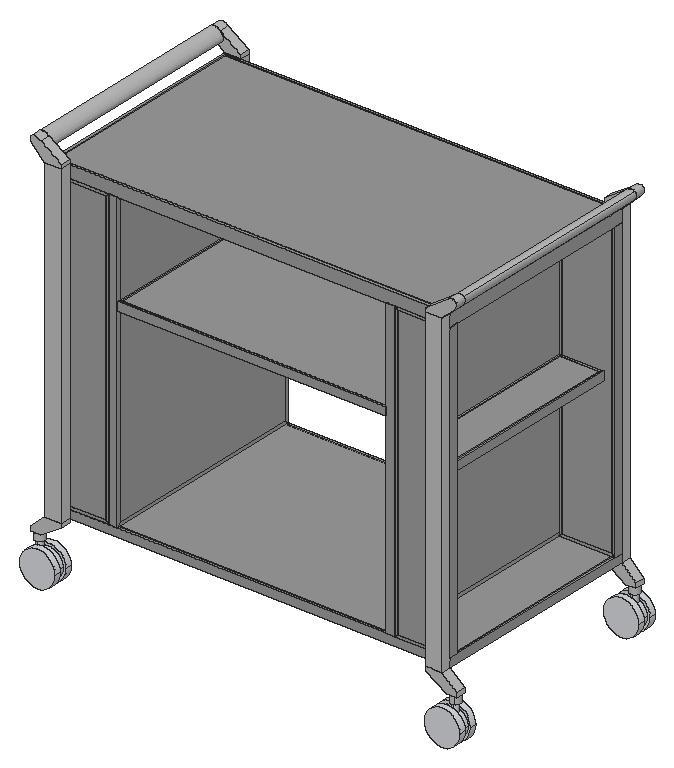
Revit family "Haworth_Planes_CartCatering_AP_PRELIMINARY", category Furniture Systems, Revit 2019
Family settings
  Round Connector Dimension = Use Diameter
  Part Type = Normal
  OmniClass Number = 23.40.70.14.64.21.14
  OmniClass Title = Free-Standing Component
  Work Plane-Based = No
  Always vertical = Yes
  Cut with Voids When Loaded = No
  Shared = No
  Room Calculation Point = No
Parameters (values of type "Cart - Catering")
  Warranty = "http://www.haworth.com/resources/product-info/warranties"
  URL - Product = "https://www.haworth.com/ap/en/products/accessories/planes.html"
  Size = "Verify Final Dim. w/Haworth"  # constant formula
  Reivision = "1"  # constant formula
  URL = "https://www.haworth.com/ap/en.html"
  Model = "WOPLCBC"  # constant formula
  Manufacturer = "Haworth"  # constant formula
  Description = "Haworth - Planes - Cart - Catering"  # constant formula
  Caster Finish = Haworth _ Paint _ Metallic Champagne
  Glides = not(Casters)  # no
  Casters = yes
  Cart Top Finish [instance] = Haworth _ Laminate _ Undecided _ Storage
  Cart Leg Finish [instance] = Haworth _ Paint _ Metallic Champagne
  Cart Edge Finish [instance] = Haworth _ Laminate _ Undecided _ Storage
  Author = "Haworth (Hampton, Abd Rahman)"  # constant formula
  Assembly Code = "E2020200"
Reference planes
  plane 1 "Center F/B": y = 0
  plane 2: z = 0
  plane 3 "Center L/R": x = 0
  plane 4 "Top": y = 241.3
  plane 5: y = 0
  plane 6 "Left": x = -447.675
  plane 7: x = 0
  plane 8 "Right": x = 447.675
  plane 9 "Bottom": y = -241.3
  plane 10: x = -441.325
  plane 11: x = 441.325
  plane 12: y = 241.3
  plane 13: y = -234.95
  plane 14: x = -303.53
  plane 15: x = 303.53
  plane 16: y = 222.25
  plane 17: y = -222.25
  plane 18: x = -322.58
Forms (mm)
  Extrusion 1, solid, material "Haworth _ Laminate _ Undecided _ Storage" <- "Cart Top Finish"
    sketch origin (-447.675, -241.3, 0) x (1, 0, 0) y (0, 1, 0)
      loop
        line (6.35, 6.35) -> (889, 6.35) -> (889, 482.6) -> (6.35, 482.6) -> (6.35, 6.35)
    from 142.875 to 161.925
  Extrusion 2, solid, material "Haworth _ Laminate _ Undecided _ Storage" <- "Cart Edge Finish"
    sketch origin (0, 0, 0) x (1, 0, 0) y (0, 1, 0)
      loop
        line (-447.675, 241.3) -> (-441.325, 234.95) -> (441.325, 234.95) -> (447.675, 241.3) -> (-447.675, 241.3)
    from 142.875 to 161.925
  Extrusion 3, solid, material "Haworth _ Laminate _ Undecided _ Storage" <- "Cart Edge Finish"
    sketch origin (-206.375, -200.025, 0) x (0, 1, 0) y (-1, 0, 0)
      loop
        line (-34.925, 241.3) -> (-28.575, 234.95) -> (434.975, 234.95) -> (441.325, 241.3) -> (-34.925, 241.3)
    from 142.875 to 161.925
  Extrusion 4, solid, material "Haworth _ Laminate _ Undecided _ Storage" <- "Cart Edge Finish"
    sketch origin (0, 0, 0) x (1, 0, 0) y (0, 1, 0)
      loop
        line (-447.675, -241.3) -> (447.675, -241.3) -> (441.325, -234.95) -> (-441.325, -234.95) -> (-447.675, -241.3)
    from 142.875 to 161.925
  Extrusion 5, solid, material "Haworth _ Laminate _ Undecided _ Storage" <- "Cart Edge Finish"
    sketch origin (206.375, -206.375, 0) x (0, 1, 0) y (-1, 0, 0)
      loop
        line (-34.925, -241.3) -> (447.675, -241.3) -> (441.325, -234.95) -> (-28.575, -234.95) -> (-34.925, -241.3)
    from 142.875 to 161.925
  Extrusion 6, solid, material "Haworth _ Laminate _ Undecided _ Storage" <- "Cart Top Finish"
    sketch origin (-447.675, -241.3, 0) x (1, 0, 0) y (0, 1, 0)
      loop
        line (6.35, 6.35) -> (889, 6.35) -> (889, 476.25) -> (6.35, 476.25) -> (6.35, 6.35)
    from 830.163 to 858.54
  Extrusion 7, solid, material "Haworth _ Laminate _ Undecided _ Storage" <- "Cart Edge Finish"
    sketch origin (0, 0, 0) x (1, 0, 0) y (0, 1, 0)
      loop
        line (-447.675, 241.3) -> (-441.325, 234.95) -> (441.325, 234.95) -> (447.675, 241.3) -> (-447.675, 241.3)
    from 830.163 to 858.54
  Extrusion 8, solid, material "Haworth _ Laminate _ Undecided _ Storage" <- "Cart Edge Finish"
    sketch origin (-206.375, -206.375, 0) x (0, 1, 0) y (-1, 0, 0)
      loop
        line (-34.925, 241.3) -> (-28.575, 234.95) -> (441.325, 234.95) -> (447.675, 241.3) -> (-34.925, 241.3)
    from 830.163 to 858.54
  Extrusion 9, solid, material "Haworth _ Laminate _ Undecided _ Storage" <- "Cart Edge Finish"
    sketch origin (0, 0, 0) x (1, 0, 0) y (0, 1, 0)
      loop
        line (-447.675, -241.3) -> (447.675, -241.3) -> (441.325, -234.95) -> (-441.325, -234.95) -> (-447.675, -241.3)
    from 830.163 to 858.54
  Extrusion 10, solid, material "Haworth _ Laminate _ Undecided _ Storage" <- "Cart Edge Finish"
    sketch origin (206.375, -206.375, 0) x (0, 1, 0) y (-1, 0, 0)
      loop
        line (-34.925, -241.3) -> (447.675, -241.3) -> (441.325, -234.95) -> (-28.575, -234.95) -> (-34.925, -241.3)
    from 830.163 to 858.54
  Extrusion 11, solid, material "Haworth _ Laminate _ Undecided _ Storage" <- "Cart Top Finish"
    sketch origin (-160.655, -241.3, -65.187) x (0, 0, 1) y (0, 1, 0)
      loop
        line (233.462, 6.35) -> (889, 6.35) -> (889, 476.25) -> (233.462, 476.25) -> (233.462, 6.35)
    from 142.875 to 161.925
  Extrusion 12, solid, material "Haworth _ Laminate _ Undecided _ Storage" <- "Cart Edge Finish"
    sketch origin (-160.655, 0, 382.488) x (0, 0, 1) y (0, 1, 0)
      loop
        line (-220.563, 241.3) -> (-214.213, 234.95) -> (441.325, 234.95) -> (447.675, 241.3) -> (-220.563, 241.3)
    from 142.875 to 161.925
  Extrusion 13, solid, material "Haworth _ Laminate _ Undecided _ Storage" <- "Cart Edge Finish"
    sketch origin (-160.655, 0, 382.488) x (0, 0, 1) y (0, 1, 0)
      loop
        line (-220.563, -241.3) -> (447.675, -241.3) -> (441.325, -234.95) -> (-214.213, -234.95) -> (-220.563, -241.3)
    from 142.875 to 161.925
  Extrusion 14, solid, material "Haworth _ Laminate _ Undecided _ Storage" <- "Cart Edge Finish"
    sketch origin (-160.655, -206.375, 588.863) x (0, 1, 0) y (0, 0, -1)
      loop
        line (-34.925, -241.3) -> (447.675, -241.3) -> (441.325, -234.95) -> (-28.575, -234.95) -> (-34.925, -241.3)
    from 142.875 to 161.925
  Extrusion 15, solid, material "Haworth _ Laminate _ Undecided _ Storage" <- "Cart Edge Finish"
    sketch origin (-465.455, 206.375, 403.225) x (0, -1, 0) y (0, 0, -1)
      loop
        line (-34.925, 241.3) -> (-28.575, 234.95) -> (441.325, 234.95) -> (447.675, 241.3) -> (-34.925, 241.3)
    from 142.875 to 161.925
  Extrusion 16, solid, material "Haworth _ Laminate _ Undecided _ Storage" <- "Cart Top Finish"
    sketch origin (465.455, -241.3, -65.187) x (0, 0, 1) y (0, 1, 0)
      loop
        line (233.462, 6.35) -> (889, 6.35) -> (889, 476.25) -> (233.462, 476.25) -> (233.462, 6.35)
    from 142.875 to 161.925
  Extrusion 17, solid, material "Haworth _ Laminate _ Undecided _ Storage" <- "Cart Edge Finish"
    sketch origin (465.455, 0, 382.488) x (0, 0, 1) y (0, 1, 0)
      loop
        line (-220.563, 241.3) -> (-214.213, 234.95) -> (441.325, 234.95) -> (447.675, 241.3) -> (-220.563, 241.3)
    from 142.875 to 161.925
  Extrusion 18, solid, material "Haworth _ Laminate _ Undecided _ Storage" <- "Cart Edge Finish"
    sketch origin (465.455, 0, 382.488) x (0, 0, 1) y (0, 1, 0)
      loop
        line (-220.563, -241.3) -> (447.675, -241.3) -> (441.325, -234.95) -> (-214.213, -234.95) -> (-220.563, -241.3)
    from 142.875 to 161.925
  Extrusion 19, solid, material "Haworth _ Laminate _ Undecided _ Storage" <- "Cart Edge Finish"
    sketch origin (465.455, -206.375, 588.863) x (0, 1, 0) y (0, 0, -1)
      loop
        line (-34.925, -241.3) -> (447.675, -241.3) -> (441.325, -234.95) -> (-28.575, -234.95) -> (-34.925, -241.3)
    from 142.875 to 161.925
  Extrusion 20, solid, material "Haworth _ Laminate _ Undecided _ Storage" <- "Cart Edge Finish"
    sketch origin (160.655, 206.375, 403.225) x (0, -1, 0) y (0, 0, -1)
      loop
        line (-34.925, 241.3) -> (-28.575, 234.95) -> (441.325, 234.95) -> (447.675, 241.3) -> (-34.925, 241.3)
    from 142.875 to 161.925
  Extrusion 21, solid, material "Haworth _ Laminate _ Undecided _ Storage" <- "Cart Top Finish"
    sketch origin (-447.675, -241.3, 0) x (1, 0, 0) y (0, 1, 0)
      loop
        line (150.495, 6.35) -> (744.855, 6.35) -> (744.855, 476.25) -> (150.495, 476.25) -> (150.495, 6.35)
    from 600.075 to 619.125
  Extrusion 22, solid, material "Haworth _ Laminate _ Undecided _ Storage" <- "Cart Edge Finish"
    sketch origin (0, 0, 0) x (1, 0, 0) y (0, 1, 0)
      loop
        line (-303.53, 241.3) -> (-297.18, 234.95) -> (297.18, 234.95) -> (303.53, 241.3) -> (-303.53, 241.3)
    from 600.075 to 619.125
  Extrusion 23, solid, material "Haworth _ Laminate _ Undecided _ Storage" <- "Cart Edge Finish"
    sketch origin (-62.23, -206.375, 0) x (0, 1, 0) y (-1, 0, 0)
      loop
        line (-34.925, 241.3) -> (-28.575, 234.95) -> (441.325, 234.95) -> (447.675, 241.3) -> (-34.925, 241.3)
    from 600.075 to 619.125
  Extrusion 24, solid, material "Haworth _ Laminate _ Undecided _ Storage" <- "Cart Edge Finish"
    sketch origin (0, 0, 0) x (1, 0, 0) y (0, 1, 0)
      loop
        line (-303.53, -241.3) -> (303.53, -241.3) -> (297.18, -234.95) -> (-297.18, -234.95) -> (-303.53, -241.3)
    from 600.075 to 619.125
  Extrusion 25, solid, material "Haworth _ Laminate _ Undecided _ Storage" <- "Cart Edge Finish"
    sketch origin (62.23, -206.375, 0) x (0, 1, 0) y (-1, 0, 0)
      loop
        line (-34.925, -241.3) -> (447.675, -241.3) -> (441.325, -234.95) -> (-28.575, -234.95) -> (-34.925, -241.3)
    from 600.075 to 619.125
  Extrusion 26, solid, material "Haworth _ Laminate _ Undecided _ Storage" <- "Cart Top Finish"
    sketch origin (178.435, -241.3, -60.325) x (1, 0, 0) y (0, 1, 0)
      loop
        line (150.495, 25.38) -> (239.391, 25.38) -> (239.391, 457.2) -> (150.495, 457.2) -> (150.495, 25.38)
    from 571.5 to 590.55
  Extrusion 27, solid, material "Haworth _ Laminate _ Undecided _ Storage" <- "Cart Edge Finish"
    sketch origin (626.11, -19.05, -60.325) x (1, 0, 0) y (0, 1, 0)
      loop
        line (-303.53, 241.3) -> (-297.18, 234.95) -> (-208.284, 234.95) -> (-201.934, 241.3) -> (-303.53, 241.3)
    from 571.5 to 590.55
  Extrusion 28, solid, material "Haworth _ Laminate _ Undecided _ Storage" <- "Cart Edge Finish"
    sketch origin (563.88, -206.375, -60.325) x (0, 1, 0) y (-1, 0, 0)
      loop
        line (-15.969, 241.3) -> (-9.619, 234.95) -> (422.275, 234.95) -> (428.625, 241.3) -> (-15.969, 241.3)
    from 571.5 to 590.55
  Extrusion 29, solid, material "Haworth _ Laminate _ Undecided _ Storage" <- "Cart Edge Finish"
    sketch origin (626.11, 19.05, -60.325) x (1, 0, 0) y (0, 1, 0)
      loop
        line (-303.53, -241.3) -> (-201.934, -241.3) -> (-208.284, -234.95) -> (-297.18, -234.95) -> (-303.53, -241.3)
    from 571.5 to 590.55
  Extrusion 30, solid, material "Haworth _ Laminate _ Undecided _ Storage" <- "Cart Edge Finish"
    sketch origin (182.876, -206.375, -60.325) x (0, 1, 0) y (-1, 0, 0)
      loop
        line (-15.813, -241.3) -> (428.625, -241.3) -> (422.275, -234.95) -> (-9.463, -234.95) -> (-15.813, -241.3)
    from 571.5 to 590.55
  Extrusion 31, solid, material "Haworth _ Laminate _ Undecided _ Storage" <- "Cart Top Finish"
    sketch origin (-178.435, -241.3, -60.325) x (-1, 0, 0) y (0, -1, 0)
      loop
        line (150.495, -25.38) -> (150.495, -457.2) -> (239.391, -457.2) -> (239.391, -25.38) -> (150.495, -25.38)
    from 571.5 to 590.55
  Extrusion 32, solid, material "Haworth _ Laminate _ Undecided _ Storage" <- "Cart Edge Finish"
    sketch origin (-626.11, -19.05, -60.325) x (-1, 0, 0) y (0, -1, 0)
      loop
        line (-303.53, -241.3) -> (-201.934, -241.3) -> (-208.284, -234.95) -> (-297.18, -234.95) -> (-303.53, -241.3)
    from 571.5 to 590.55
  Extrusion 33, solid, material "Haworth _ Laminate _ Undecided _ Storage" <- "Cart Edge Finish"
    sketch origin (-563.88, -206.375, -60.325) x (0, 1, 0) y (-1, 0, 0)
      loop
        line (-15.969, -241.3) -> (428.625, -241.3) -> (422.275, -234.95) -> (-9.619, -234.95) -> (-15.969, -241.3)
    from 571.5 to 590.55
  Extrusion 34, solid, material "Haworth _ Laminate _ Undecided _ Storage" <- "Cart Edge Finish"
    sketch origin (-626.11, 19.05, -60.325) x (-1, 0, 0) y (0, -1, 0)
      loop
        line (-303.53, 241.3) -> (-297.18, 234.95) -> (-208.284, 234.95) -> (-201.934, 241.3) -> (-303.53, 241.3)
    from 571.5 to 590.55
  Extrusion 35, solid, material "Haworth _ Laminate _ Undecided _ Storage" <- "Cart Edge Finish"
    sketch origin (-182.876, -206.375, -60.325) x (0, 1, 0) y (-1, 0, 0)
      loop
        line (-15.813, 241.3) -> (-9.463, 234.95) -> (422.275, 234.95) -> (428.625, 241.3) -> (-15.813, 241.3)
    from 571.5 to 590.55
  Extrusion 36, solid, material "Haworth _ Laminate _ Undecided _ Storage" <- "Cart Top Finish"
    sketch origin (-554.355, 79.375, -65.187) x (0, 0, 1) y (1, 0, 0)
      loop
        line (233.462, 113.03) -> (889, 113.03) -> (889, 225.425) -> (233.462, 225.425) -> (233.462, 113.03)
    from 142.875 to 161.925
  Extrusion 37, solid, material "Haworth _ Laminate _ Undecided _ Storage" <- "Cart Edge Finish"
    sketch origin (-563.88, 79.375, 382.488) x (0, 0, 1) y (1, 0, 0)
      loop
        line (-220.563, 241.3) -> (-214.213, 234.95) -> (441.325, 234.95) -> (447.675, 241.3) -> (-220.563, 241.3)
    from 142.875 to 161.925
  Extrusion 38, solid, material "Haworth _ Laminate _ Undecided _ Storage" <- "Cart Edge Finish"
    sketch origin (-206.375, 79.375, 382.488) x (0, 0, 1) y (1, 0, 0)
      loop
        line (-220.563, -241.3) -> (447.675, -241.3) -> (441.325, -234.95) -> (-214.213, -234.95) -> (-220.563, -241.3)
    from 142.875 to 161.925
  Extrusion 39, solid, material "Haworth _ Laminate _ Undecided _ Storage" <- "Cart Edge Finish"
    sketch origin (-519.43, 79.375, 588.863) x (1, 0, 0) y (0, 0, -1)
      loop
        line (71.755, -241.3) -> (196.85, -241.3) -> (190.5, -234.95) -> (78.105, -234.95) -> (71.755, -241.3)
    from 142.875 to 161.925
  Extrusion 40, solid, material "Haworth _ Laminate _ Undecided _ Storage" <- "Cart Edge Finish"
    sketch origin (-106.68, 384.175, 403.225) x (-1, 0, 0) y (0, 0, -1)
      loop
        line (215.9, 241.3) -> (222.25, 234.95) -> (334.645, 234.95) -> (340.995, 241.3) -> (215.9, 241.3)
    from 142.875 to 161.925
  Extrusion 41, solid, material "Haworth _ Laminate _ Undecided _ Storage" <- "Cart Top Finish"
    sketch origin (-554.355, -384.175, -65.187) x (0, 0, 1) y (1, 0, 0)
      loop
        line (233.462, 113.03) -> (889, 113.03) -> (889, 225.425) -> (233.462, 225.425) -> (233.462, 113.03)
    from 142.875 to 161.925
  Extrusion 42, solid, material "Haworth _ Laminate _ Undecided _ Storage" <- "Cart Edge Finish"
    sketch origin (-563.88, -384.175, 382.488) x (0, 0, 1) y (1, 0, 0)
      loop
        line (-220.563, 241.3) -> (-214.213, 234.95) -> (441.325, 234.95) -> (447.675, 241.3) -> (-220.563, 241.3)
    from 142.875 to 161.925
  Extrusion 43, solid, material "Haworth _ Laminate _ Undecided _ Storage" <- "Cart Edge Finish"
    sketch origin (-206.375, -384.175, 382.488) x (0, 0, 1) y (1, 0, 0)
      loop
        line (-220.563, -241.3) -> (447.675, -241.3) -> (441.325, -234.95) -> (-214.213, -234.95) -> (-220.563, -241.3)
    from 142.875 to 161.925
  Extrusion 44, solid, material "Haworth _ Laminate _ Undecided _ Storage" <- "Cart Edge Finish"
    sketch origin (-519.43, -384.175, 588.863) x (1, 0, 0) y (0, 0, -1)
      loop
        line (71.755, -241.3) -> (196.85, -241.3) -> (190.5, -234.95) -> (78.105, -234.95) -> (71.755, -241.3)
    from 142.875 to 161.925
  Extrusion 45, solid, material "Haworth _ Laminate _ Undecided _ Storage" <- "Cart Edge Finish"
    sketch origin (-106.68, -79.375, 403.225) x (-1, 0, 0) y (0, 0, -1)
      loop
        line (215.9, 241.3) -> (222.25, 234.95) -> (334.645, 234.95) -> (340.995, 241.3) -> (215.9, 241.3)
    from 142.875 to 161.925
  Extrusion 46, solid, material "Haworth _ Laminate _ Undecided _ Storage" <- "Cart Top Finish"
    sketch origin (554.355, 79.375, -65.187) x (0, 0, 1) y (1, 0, 0)
      loop
        line (233.462, -113.03) -> (233.462, -225.425) -> (889, -225.425) -> (889, -113.03) -> (233.462, -113.03)
    from 142.875 to 161.925
  Extrusion 47, solid, material "Haworth _ Laminate _ Undecided _ Storage" <- "Cart Edge Finish"
    sketch origin (563.88, 79.375, 382.488) x (0, 0, 1) y (1, 0, 0)
      loop
        line (-220.563, -241.3) -> (447.675, -241.3) -> (441.325, -234.95) -> (-214.213, -234.95) -> (-220.563, -241.3)
    from 142.875 to 161.925
  Extrusion 48, solid, material "Haworth _ Laminate _ Undecided _ Storage" <- "Cart Edge Finish"
    sketch origin (206.375, 79.375, 382.488) x (0, 0, 1) y (1, 0, 0)
      loop
        line (-220.563, 241.3) -> (-214.213, 234.95) -> (441.325, 234.95) -> (447.675, 241.3) -> (-220.563, 241.3)
    from 142.875 to 161.925
  Extrusion 49, solid, material "Haworth _ Laminate _ Undecided _ Storage" <- "Cart Edge Finish"
    sketch origin (519.43, 79.375, 588.863) x (-1, 0, 0) y (0, 0, 1)
      loop
        line (71.755, 241.3) -> (78.105, 234.95) -> (190.5, 234.95) -> (196.85, 241.3) -> (71.755, 241.3)
    from 142.875 to 161.925
  Extrusion 50, solid, material "Haworth _ Laminate _ Undecided _ Storage" <- "Cart Edge Finish"
    sketch origin (106.68, 384.175, 403.225) x (1, 0, 0) y (0, 0, 1)
      loop
        line (215.9, -241.3) -> (340.995, -241.3) -> (334.645, -234.95) -> (222.25, -234.95) -> (215.9, -241.3)
    from 142.875 to 161.925
  Extrusion 51, solid, material "Haworth _ Laminate _ Undecided _ Storage" <- "Cart Top Finish"
    sketch origin (554.355, -384.175, -65.187) x (0, 0, 1) y (1, 0, 0)
      loop
        line (233.462, -113.03) -> (233.462, -225.425) -> (889, -225.425) -> (889, -113.03) -> (233.462, -113.03)
    from 142.875 to 161.925
  Extrusion 52, solid, material "Haworth _ Laminate _ Undecided _ Storage" <- "Cart Edge Finish"
    sketch origin (563.88, -384.175, 382.488) x (0, 0, 1) y (1, 0, 0)
      loop
        line (-220.563, -241.3) -> (447.675, -241.3) -> (441.325, -234.95) -> (-214.213, -234.95) -> (-220.563, -241.3)
    from 142.875 to 161.925
  Extrusion 53, solid, material "Haworth _ Laminate _ Undecided _ Storage" <- "Cart Edge Finish"
    sketch origin (206.375, -384.175, 382.488) x (0, 0, 1) y (1, 0, 0)
      loop
        line (-220.563, 241.3) -> (-214.213, 234.95) -> (441.325, 234.95) -> (447.675, 241.3) -> (-220.563, 241.3)
    from 142.875 to 161.925
  Extrusion 54, solid, material "Haworth _ Laminate _ Undecided _ Storage" <- "Cart Edge Finish"
    sketch origin (519.43, -384.175, 588.863) x (-1, 0, 0) y (0, 0, 1)
      loop
        line (71.755, 241.3) -> (78.105, 234.95) -> (190.5, 234.95) -> (196.85, 241.3) -> (71.755, 241.3)
    from 142.875 to 161.925
  Extrusion 55, solid, material "Haworth _ Laminate _ Undecided _ Storage" <- "Cart Edge Finish"
    sketch origin (106.68, -79.375, 403.225) x (1, 0, 0) y (0, 0, 1)
      loop
        line (215.9, -241.3) -> (340.995, -241.3) -> (334.645, -234.95) -> (222.25, -234.95) -> (215.9, -241.3)
    from 142.875 to 161.925
  Revolve 56, solid, material "Haworth _ Paint _ Metallic Champagne" <- "Cart Leg Finish", visible <- "Glides"
    sketch origin (-757.758, -252.754, 0.074) x (-1, -0.000803, 0) y (0, 0, -1)
      loop
        line (-288.79, -87.312) -> (-277.678, -87.312) -> (-277.678, -8.331) -> (-263.39, -8.331) -> (-263.39, 0) -> (-288.79, 0) -> (-288.79, -87.312)
      axis (-288.79, -87.312) -> (-288.79, 0)
    angle from 0 to 360
  Extrusion 57, solid, material "Haworth _ Paint _ Metallic Champagne" <- "Cart Leg Finish"
    sketch origin (-734.769, -84.62, 0.074) x (0.469468, 0.88295, 0) y (-0.88295, 0.469468, 0)
      loop
        circle (-23.472, -313.517) r 11.112
    from 87.312 to 102.607
  Extrusion 58, solid, material "Haworth _ Paint _ Metallic Champagne" <- "Cart Leg Finish"
    sketch origin (-872.769, -263.962, 0) x (-1, 0, 0) y (0, 0, 1)
      loop
        line (-462.632, 142.875) -> (-462.632, 133.921) -> (-414.913, 102.681) -> (-392.688, 102.681) -> (-392.688, 112.841) -> (-425.108, 142.875) -> (-462.632, 142.875)
    from 0 to 22.544
  Extrusion 59, solid, material "Haworth _ Paint _ Metallic Champagne" <- "Cart Leg Finish"
    sketch origin (-872.769, -252.85, 0) x (0, 1, 0) y (-1, 0, 0)
      loop
        line (-11.113, -425.108) -> (-11.113, -462.632) -> (11.432, -462.632) -> (11.432, -425.108) -> (-11.113, -425.108)
    from 142.875 to 858.54
  Extrusion 60, solid, material "Haworth _ Paint _ Metallic Champagne" <- "Cart Leg Finish"
    sketch origin (-872.769, -252.85, 0) x (-1, 0, 0) y (0, 0, 1)
      loop
        line (-462.632, 867.504) -> (-462.632, 858.54) -> (-425.108, 858.54) -> (-399.451, 882.719)
        spline (-399.451, 882.719) -> (-396.47, 886.048) -> (-394.211, 889.702) -> (-392.829, 893.431) -> (-392.417, 896.981) -> (-393.004, 900.109) -> (-394.549, 902.604) -> (-396.948, 904.295) -> (-400.037, 905.066) -> (-403.605, 904.865) -> (-407.409, 903.706) -> (-411.19, 901.668) -> (-414.691, 898.889)
        line (-414.691, 898.889) -> (-462.632, 867.504)
    from -11.113 to 11.432
  Extrusion 61, solid, material "Haworth _ Paint _ Metallic Champagne" <- "Cart Leg Finish"
    sketch origin (-872.769, -252.85, 0) x (-1, 0, 0) y (0, 0, 1)
      loop
        spline (-419.016, 878.745) -> (-416.56, 877.123) -> (-413.457, 876.432) -> (-409.918, 876.72) -> (-406.185, 877.967) -> (-402.513, 880.088) -> (-399.151, 882.939) -> (-396.329, 886.324) -> (-394.238, 890.014) -> (-393.022, 893.757) -> (-392.763, 897.297) -> (-393.479, 900.395) -> (-395.122, 902.837)
        spline (-395.122, 902.837) -> (-397.578, 904.459) -> (-400.681, 905.15) -> (-404.22, 904.862) -> (-407.952, 903.615) -> (-411.625, 901.494) -> (-414.986, 898.644) -> (-417.809, 895.258) -> (-419.899, 891.568) -> (-421.115, 887.826) -> (-421.374, 884.285) -> (-420.658, 881.188) -> (-419.016, 878.745)
    from 11.432 to 494.337
  Revolve 62, solid, material "Haworth _ Paint _ Metallic Champagne" <- "Cart Leg Finish", visible <- "Glides"
    sketch origin (-757.758, 252.823, 0.074) x (-1, 0.000803, 0) y (0, 0, 1)
      loop
        line (-288.79, 87.312) -> (-288.79, 0) -> (-263.39, 0) -> (-263.39, 8.331) -> (-277.678, 8.331) -> (-277.678, 87.312) -> (-288.79, 87.312)
      axis (-288.79, 87.312) -> (-288.79, 0)
    angle from 0 to 360
  Extrusion 63, solid, material "Haworth _ Paint _ Metallic Champagne" <- "Cart Leg Finish"
    sketch origin (-734.769, 84.689, 0.074) x (0.469468, -0.88295, 0) y (0.88295, 0.469468, 0)
      loop
        circle (-23.472, 313.517) r 11.112
    from 87.312 to 102.607
  Extrusion 64, solid, material "Haworth _ Paint _ Metallic Champagne" <- "Cart Leg Finish"
    sketch origin (-872.769, 264.031, 0) x (-1, 0, 0) y (0, 0, -1)
      loop
        line (-462.632, -142.875) -> (-425.108, -142.875) -> (-392.688, -112.841) -> (-392.688, -102.681) -> (-414.913, -102.681) -> (-462.632, -133.921) -> (-462.632, -142.875)
    from 0 to 22.544
  Extrusion 65, solid, material "Haworth _ Paint _ Metallic Champagne" <- "Cart Leg Finish"
    sketch origin (-872.769, 252.919, 0) x (0, -1, 0) y (1, 0, 0)
      loop
        line (-11.112, 425.108) -> (11.432, 425.108) -> (11.432, 462.632) -> (-11.112, 462.632) -> (-11.112, 425.108)
    from 142.875 to 858.54
  Extrusion 66, solid, material "Haworth _ Paint _ Metallic Champagne" <- "Cart Leg Finish"
    sketch origin (-872.769, 252.919, 0) x (-1, 0, 0) y (0, 0, -1)
      loop
        line (-462.632, -867.504) -> (-414.691, -898.889)
        spline (-414.691, -898.889) -> (-411.19, -901.668) -> (-407.409, -903.706) -> (-403.605, -904.865) -> (-400.037, -905.066) -> (-396.948, -904.295) -> (-394.549, -902.604) -> (-393.004, -900.109) -> (-392.417, -896.981) -> (-392.829, -893.431) -> (-394.211, -889.702) -> (-396.47, -886.048) -> (-399.451, -882.719)
        line (-399.451, -882.719) -> (-425.108, -858.54) -> (-462.632, -858.54) -> (-462.632, -867.504)
    from -11.113 to 11.432
  Revolve 67, solid, material "Haworth _ Paint _ Metallic Champagne" <- "Cart Leg Finish", visible <- "Glides"
    sketch origin (757.758, -252.754, 0.074) x (1, -0.000803, 0) y (0, 0, 1)
      loop
        line (-288.79, 87.312) -> (-288.79, 0) -> (-263.39, 0) -> (-263.39, 8.331) -> (-277.678, 8.331) -> (-277.678, 87.312) -> (-288.79, 87.312)
      axis (-288.79, 87.312) -> (-288.79, 0)
    angle from 0 to 360
  Extrusion 68, solid, material "Haworth _ Paint _ Metallic Champagne" <- "Cart Leg Finish"
    sketch origin (734.769, -84.62, 0.074) x (-0.469468, 0.88295, 0) y (-0.88295, -0.469468, 0)
      loop
        circle (-23.472, 313.517) r 11.112
    from 87.312 to 102.607
  Extrusion 69, solid, material "Haworth _ Paint _ Metallic Champagne" <- "Cart Leg Finish"
    sketch origin (872.769, -263.962, 0) x (1, 0, 0) y (0, 0, -1)
      loop
        line (-462.632, -142.875) -> (-425.108, -142.875) -> (-392.688, -112.841) -> (-392.688, -102.681) -> (-414.913, -102.681) -> (-462.632, -133.921) -> (-462.632, -142.875)
    from 0 to 22.544
  Extrusion 70, solid, material "Haworth _ Paint _ Metallic Champagne" <- "Cart Leg Finish"
    sketch origin (872.769, -252.85, 0) x (0, 1, 0) y (-1, 0, 0)
      loop
        line (-11.112, 425.108) -> (11.432, 425.108) -> (11.432, 462.632) -> (-11.112, 462.632) -> (-11.112, 425.108)
    from 142.875 to 858.54
  Extrusion 71, solid, material "Haworth _ Paint _ Metallic Champagne" <- "Cart Leg Finish"
    sketch origin (872.769, -252.85, 0) x (1, 0, 0) y (0, 0, -1)
      loop
        line (-462.632, -867.504) -> (-414.691, -898.889)
        spline (-414.691, -898.889) -> (-411.19, -901.668) -> (-407.409, -903.706) -> (-403.605, -904.865) -> (-400.037, -905.066) -> (-396.948, -904.295) -> (-394.549, -902.604) -> (-393.004, -900.109) -> (-392.417, -896.981) -> (-392.829, -893.431) -> (-394.211, -889.702) -> (-396.47, -886.048) -> (-399.451, -882.719)
        line (-399.451, -882.719) -> (-425.108, -858.54) -> (-462.632, -858.54) -> (-462.632, -867.504)
    from -11.113 to 11.432
  Extrusion 72, solid, material "Haworth _ Paint _ Metallic Champagne" <- "Cart Leg Finish"
    sketch origin (872.769, -252.85, 0) x (1, 0, 0) y (0, 0, -1)
      loop
        spline (-419.016, -878.745) -> (-420.658, -881.188) -> (-421.374, -884.285) -> (-421.115, -887.826) -> (-419.899, -891.568) -> (-417.809, -895.258) -> (-414.986, -898.644) -> (-411.625, -901.494) -> (-407.952, -903.615) -> (-404.22, -904.862) -> (-400.681, -905.15) -> (-397.578, -904.459) -> (-395.122, -902.837)
        spline (-395.122, -902.837) -> (-393.479, -900.395) -> (-392.763, -897.297) -> (-393.022, -893.757) -> (-394.238, -890.014) -> (-396.329, -886.324) -> (-399.151, -882.939) -> (-402.513, -880.088) -> (-406.185, -877.967) -> (-409.918, -876.72) -> (-413.457, -876.432) -> (-416.56, -877.123) -> (-419.016, -878.745)
    from 11.432 to 494.337
  Revolve 73, solid, material "Haworth _ Paint _ Metallic Champagne" <- "Cart Leg Finish", visible <- "Glides"
    sketch origin (757.758, 252.823, 0.074) x (1, 0.000803, 0) y (0, 0, -1)
      loop
        line (-288.79, -87.312) -> (-277.678, -87.312) -> (-277.678, -8.331) -> (-263.39, -8.331) -> (-263.39, 0) -> (-288.79, 0) -> (-288.79, -87.312)
      axis (-288.79, -87.312) -> (-288.79, 0)
    angle from 0 to 360
  Extrusion 74, solid, material "Haworth _ Paint _ Metallic Champagne" <- "Cart Leg Finish"
    sketch origin (734.769, 84.689, 0.074) x (-0.469468, -0.88295, 0) y (0.88295, -0.469468, 0)
      loop
        circle (-23.472, -313.517) r 11.112
    from 87.312 to 102.607
  Extrusion 75, solid, material "Haworth _ Paint _ Metallic Champagne" <- "Cart Leg Finish"
    sketch origin (872.769, 264.031, 0) x (1, 0, 0) y (0, 0, 1)
      loop
        line (-462.632, 142.875) -> (-462.632, 133.921) -> (-414.913, 102.681) -> (-392.688, 102.681) -> (-392.688, 112.841) -> (-425.108, 142.875) -> (-462.632, 142.875)
    from 0 to 22.544
  Extrusion 76, solid, material "Haworth _ Paint _ Metallic Champagne" <- "Cart Leg Finish"
    sketch origin (872.769, 252.919, 0) x (0, -1, 0) y (1, 0, 0)
      loop
        line (-11.112, -425.108) -> (-11.112, -462.632) -> (11.432, -462.632) -> (11.432, -425.108) -> (-11.112, -425.108)
    from 142.875 to 858.54
  Extrusion 77, solid, material "Haworth _ Paint _ Metallic Champagne" <- "Cart Leg Finish"
    sketch origin (872.769, 252.919, 0) x (1, 0, 0) y (0, 0, 1)
      loop
        line (-462.632, 867.504) -> (-462.632, 858.54) -> (-425.108, 858.54) -> (-399.451, 882.719)
        spline (-399.451, 882.719) -> (-396.47, 886.048) -> (-394.211, 889.702) -> (-392.829, 893.431) -> (-392.417, 896.981) -> (-393.004, 900.109) -> (-394.549, 902.604) -> (-396.948, 904.295) -> (-400.037, 905.066) -> (-403.605, 904.865) -> (-407.409, 903.706) -> (-411.19, 901.668) -> (-414.691, 898.889)
        line (-414.691, 898.889) -> (-462.632, 867.504)
    from -11.113 to 11.432
Lines and regions (mm)
  Masking region 1
    outline origin (0, 0, 0) x (1, 0, 0) y (0, 1, 0)
      loop
        line (447.675, 241.3) -> (-447.675, 241.3) -> (-447.675, -241.3) -> (447.675, -241.3) -> (447.675, 241.3)
  symbolic lines
    curve 1: line (410.137, 241.3, 0) -> (410.137, 264.031, 0)
    curve 2: line (410.137, 264.031, 0) -> (480.081, 264.031, 0)
    curve 3: line (480.081, 264.031, 0) -> (480.081, -270.312, 0)
    curve 4: line (480.081, -270.312, 0) -> (410.137, -270.312, 0)
    curve 5: line (410.137, -270.312, 0) -> (410.137, -241.3, 0)
    curve 6: line (-410.137, 241.3, 0) -> (-410.137, 264.031, 0)
    curve 7: line (-410.137, 264.031, 0) -> (-480.081, 264.031, 0)
    curve 8: line (-480.081, 264.031, 0) -> (-480.081, -270.312, 0)
    curve 9: line (-480.081, -270.312, 0) -> (-410.137, -270.312, 0)
    curve 10: line (-410.137, -270.312, 0) -> (-410.137, -241.3, 0)
Dimensions and locks
  plane 3 "Center L/R" to Extrusion 1 = 441.325 mm
  locked: plane 5 to plane 4 "Top" at 241.3
  locked: plane 9 "Bottom" to plane 5 at 241.3
  locked: plane 6 "Left" to plane 7 at 447.675
  locked: plane 7 to plane 8 "Right" at 447.675
  plane 6 "Left" to plane 8 "Right" = 895.35 mm
  plane 9 "Bottom" to plane 4 "Top" = 482.6 mm
  plane 8 "Right" to plane 6 "Left" = 895.35 mm
  locked: plane 14 to plane 7 at 303.53
  locked: plane 7 to plane 15 at 303.53
  plane 12 to plane 4 "Top" = 0 mm
  level to Extrusion 2 = 142.875 mm
  Extrusion 39 to Extrusion 38 = 0 mm
  Extrusion 44 to plane 9 "Bottom" = 0 mm
  Revolve 56 to level = 0.074 mm
  Extrusion 58 to Extrusion 58 = 22.544 mm
  Revolve 56 to Revolve 56 = 8.331 mm
  plane 12 to Extrusion 66 = 0.187 mm
  Extrusion 70 to Extrusion 59 = 820.274 mm
  aligned and locked: Extrusion 1 to plane 12
  aligned and locked: plane 13 to Extrusion 1
  aligned and locked: Extrusion 39 to Extrusion 37
  aligned and locked: Extrusion 40 to Extrusion 37
  aligned and locked: Extrusion 36 to Extrusion 31
  aligned and locked: Extrusion 44 to Extrusion 42
  aligned and locked: Extrusion 45 to Extrusion 42
  aligned and locked: Extrusion 47 to Extrusion 49
  aligned and locked: Extrusion 47 to Extrusion 50
  aligned and locked: Extrusion 52 to Extrusion 54
  aligned and locked: Extrusion 52 to Extrusion 55
  aligned and locked: Extrusion 59 to Extrusion 60
  aligned and locked: Extrusion 65 to Extrusion 66
  aligned and locked: Extrusion 70 to Extrusion 71
  aligned and locked: Extrusion 76 to Extrusion 77
Nested families
  nested 1: "Haworth_3in Caster" at (-468.784, -252.531, 0.074) x (0, 1, 0) z (0, 0, 1), visible <- "Casters", type "Haworth_3in Caster"
  nested 2: "Haworth_3in Caster" at (-468.784, 252.6, 0.074) x (0, -1, 0) z (0, 0, 1), visible <- "Casters", type "Haworth_3in Caster"
  nested 3: "Haworth_3in Caster" at (468.784, -252.531, 0.074) x (0, 1, 0) z (0, 0, 1), visible <- "Casters", type "Haworth_3in Caster"
  nested 4: "Haworth_3in Caster" at (468.784, 252.6, 0.074) x (0, -1, 0) z (0, 0, 1), visible <- "Casters", type "Haworth_3in Caster"
Definition of nested family "Haworth_3in Caster"
  Parameters
    Glides = yes
    Caster Finish = none
    Cart Leg Finish = none
    Assembly Code = ""
  Reference planes
    plane 1 "Center (Front/Back)": y = 0
    plane 2: z = 0
    plane 3 "Center (Left/Right)": x = 0
  Forms (mm)
    Extrusion 1, solid
      sketch origin (0, 0, -0.538) x (0, 1, 0) y (0, 0, 1)
        loop
          circle (-12.369, 40.225) r 39.688
      from 22.225 to 7.938
    Extrusion 2, solid
      sketch origin (0, 0, -0.538) x (0, 1, 0) y (0, 0, 1)
        loop
          circle (-12.369, 40.225) r 39.688
      from -22.225 to -7.938
    Extrusion 3, solid
      sketch origin (0, 0, 0) x (0, 1, 0) y (0, 0, 1)
        loop
          circle (-12.369, 39.687) r 33.338
      from -7.938 to 7.938
    Extrusion 4, solid
      sketch origin (0, 0, 0) x (1, 0, 0) y (0, 1, 0)
        loop
          circle (0, 0) r 6.35
      from 61.913 to 87.313
  Cuts and joins
    joined: Extrusion 3, Extrusion 4
  Dimensions and locks
    plane 3 "Center (Left/Right)" to Extrusion 2 = 7.938 mm
    Extrusion 1 to plane 3 "Center (Left/Right)" = 22.225 mm
